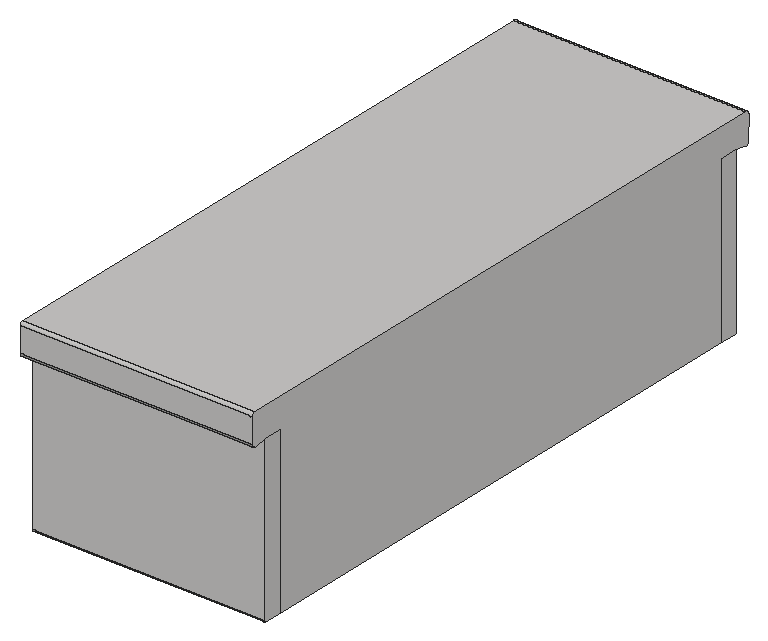
Revit family "QF_ELECTROLUXPROFESSIONAL_588106_MANABACOOO", category Specialty Equipment, Revit 2018
Family settings
  Round Connector Dimension = Use Diameter
  Part Type = Normal
  Work Plane-Based = No
  Always vertical = Yes
  Cut with Voids When Loaded = No
  Shared = No
  Room Calculation Point = No
Parameters
  Weight in Pounds = 19.84
  URL Cutsheet = "www.electrolux.com/professional"
  URL = "www.electrolux.com/professional"
  Type Mark [instance] = ""
  Status [instance] = ""
  Specification by User [instance] = ""
  Specification by Manufacturer = ""
  Serial Number = ""
  Seismic Rating = ""
  SMACNA No = ""
  Revision Code [instance] = ""
  Omniclass Number and Title = ""
  NAFEM Spec ID Number = ""
  Model = "588106"
  Masterspec = ""
  Manufacturer = "ELECTROLUX"
  Item Number [instance] = ""
  Installed By [instance] = ""
  Identify Quantity as Lot [instance] = yes
  Furnished By [instance] = ""
  Foodservice Equipment Identifier [instance] = yes
  Direct Waste Size = 0"
  Description = "CLOSED WORK TOP,1-SIDE,300X800X250H"
  CSI MasterFormat = ""
  CSI Master Format = ""
Reference planes
  plane 1 "BACK": y = 0
  plane 2: z = 0
  plane 3 "LEFT": x = 0
  plane 4 "RIGHT": x = 300
  plane 5 "FRONT": y = -800
  plane 6 "TOP": z = 250
  plane 7 "Center Y": x = 150
  plane 8 "Center X": y = -400
Forms (mm)
  Extrusion 1, solid, material "QF_Finishes_Stainless Steel"
    sketch origin (0, 50.048, 0) x (0, 1, 0) y (0, 0, 1)
      loop
        line (-95.048, 213) -> (-71.412, 213) -> (-54.743, 210.061)
        arc (-54.743, 210.061) -> (-51.477, 210.936) -> (-50.048, 214) r 4
        line (-50.048, 214) -> (-50.048, 246)
        arc (-50.048, 246) -> (-51.22, 248.828) -> (-54.048, 250) r 4
        line (-54.048, 250) -> (-846.048, 250)
        arc (-846.048, 250) -> (-848.877, 248.828) -> (-850.048, 246) r 4
        line (-850.048, 246) -> (-850.048, 214)
        arc (-850.048, 214) -> (-848.619, 210.936) -> (-845.353, 210.061) r 4
        line (-845.353, 210.061) -> (-828.509, 213) -> (-805.048, 213) -> (-805.048, 0) -> (-95.048, 0) -> (-95.048, 213)
    from 0 to 300
  Extrusion 2, solid, material "QF_Finishes_Stainless Steel"
    sketch origin (0, 50.048, 0) x (0, 1, 0) y (0, 0, 1)
      loop
        arc (-828.048, 213) -> (-829.462, 212.414) -> (-830.048, 211) r 2
        line (-830.048, 211) -> (-830.048, 2)
        arc (-830.048, 2) -> (-829.462, 0.586) -> (-828.048, 0) r 2
        line (-828.048, 0) -> (-805.048, 0) -> (-805.048, 213) -> (-828.048, 213)
      loop
        line (-72.048, 213) -> (-95.048, 213) -> (-95.048, 0) -> (-72.048, 0)
        arc (-72.048, 0) -> (-70.634, 0.586) -> (-70.048, 2) r 2
        line (-70.048, 2) -> (-70.048, 211)
        arc (-70.048, 211) -> (-70.634, 212.414) -> (-72.048, 213) r 2
    from 0 to 300
Lines and regions (mm)
  symbolic lines
    curve 1: line (0, 0, 0) -> (300, 0, 0)
    curve 2: line (0, -800, 0) -> (0, 0, 0)
    curve 3: line (300, -800, 0) -> (0, -800, 0)
    curve 4: line (300, 0, 0) -> (300, -800, 0)
Dimensions and locks
  equal spacing: plane 3 "LEFT", plane 7 "Center Y", plane 4 "RIGHT"
  plane 3 "LEFT" to plane 4 "RIGHT" = 300.00 mm
  equal spacing: plane 5 "FRONT", plane 8 "Center X", plane 1 "BACK"
  plane 5 "FRONT" to plane 1 "BACK" = 800.00 mm
  plane 6 "TOP" to level = 250.00 mm
  aligned and locked: level to plane 2
  aligned and locked: Extrusion 1 to plane 4 "RIGHT"
  aligned and locked: Extrusion 2 to plane 4 "RIGHT"
Automatic sketch dimensions
  Extrusion 1 sketch curve to plane 6 "TOP" = 0.00 mm
  Extrusion 1 sketch curve to level = 0.00 mm
  Extrusion 1 sketch curve to plane 6 "TOP" = 36.00 mm
  plane 5 "FRONT" to Extrusion 1 sketch curve = 0.00 mm
  Extrusion 1 sketch curve to plane 6 "TOP" = 39.939 mm
  Extrusion 1 sketch curve to Extrusion 1 sketch curve = 4.00 mm
  Extrusion 1 sketch curve to Extrusion 1 sketch curve = 4.695 mm  (x2)
  Extrusion 1 sketch curve to Extrusion 1 sketch curve = 16.844 mm
  Extrusion 1 sketch curve to plane 5 "FRONT" = 45.00 mm
  plane 1 "BACK" to Extrusion 1 sketch curve = 45.00 mm
  Extrusion 1 sketch curve to Extrusion 1 sketch curve = 23.636 mm
  Extrusion 1 sketch curve to Extrusion 1 sketch curve = 17.364 mm
  Extrusion 1 sketch curve to Extrusion 1 sketch curve = 21.364 mm
  Extrusion 1 sketch curve to Extrusion 1 sketch curve = 0.00 mm  (x2)
  Extrusion 1 sketch curve to Extrusion 1 sketch curve = 0.695 mm
  Extrusion 1 sketch curve to plane 6 "TOP" = 37.00 mm  (x2)
  Extrusion 1 sketch curve to Extrusion 1 sketch curve = 1.00 mm
  Extrusion 2 sketch curve to level = 0.00 mm  (x2)
  level to Extrusion 2 sketch curve = 2.00 mm  (x2)
  Extrusion 2 sketch curve to plane 5 "FRONT" = 20.00 mm
  Extrusion 2 sketch curve to Extrusion 2 sketch curve = 2.00 mm
  Extrusion 2 sketch curve to Extrusion 2 sketch curve = 23.00 mm
  plane 1 "BACK" to Extrusion 2 sketch curve = 45.00 mm
  plane 1 "BACK" to Extrusion 2 sketch curve = 22.00 mm  (x2)
  Extrusion 2 sketch curve to plane 6 "TOP" = 39.00 mm  (x2)
  curve 3 to plane 3 "LEFT" = 0.00 mm
  curve 3 to plane 4 "RIGHT" = 0.00 mm
  plane 1 "BACK" to curve 2 = 0.00 mm
  curve 4 to plane 5 "FRONT" = 0.00 mm
